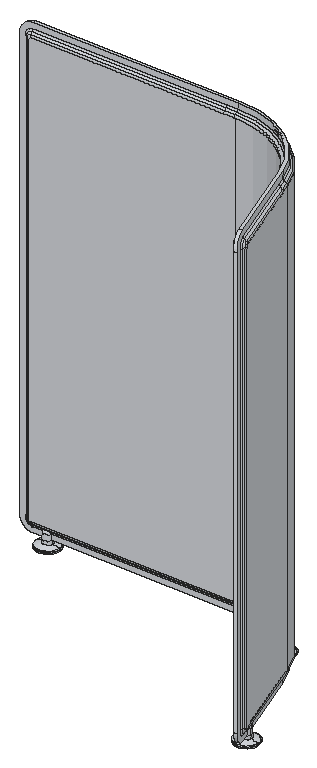
Revit family "Keilhauer_Pact_Accessories_Screen_77500", category Furniture, Revit 2017
Family settings
  OmniClass Number = 23.40.70.14.64.11
  OmniClass Title = Office Furniture
  Work Plane-Based = No
  Always vertical = Yes
  Cut with Voids When Loaded = No
  Shared = No
  Room Calculation Point = No
Parameters (values of type "Pact Screen")
  Shelves [instance] = none
  Shelf = no
  Body [instance] = none
  Glides [instance] = none
  URL = "http://www.keilhauer.com/"
  Product Documentation Link = "http://www.keilhauer.com/"
  Model = "77500"
  Manufacturer = "Keilhauer, Corp."  # constant formula
  Description = "Pact Screen"
  Copyright © = "© 2021 Keilhauer, Corp."  # constant formula
  Catalog = "Pact"  # constant formula
  Authoring Version = "Autodesk Revit 2015"  # constant formula
  Assembly Code = "E2020200"
Types (2): name | Shelf | Model | Description
  Pact Screen with shelves | yes | "77501" | "Pact Screen with shelves"
  Pact Screen | no | "77500" | "Pact Screen"
Reference planes (in)
  plane 1 "Center (Front/Back)": y = 0
  plane 2: z = 0
  plane 3 "Center (Left/Right)": x = 0
  plane 4: y = 8.88294
Forms (in)
  Sweep 1, solid, material <- "Body"
    path origin (0, 8.72544, 0) x (-1, 0, 0) y (0, 0, 1)
      loop
        line (-4.17684, 46.83626) -> (15.82316, 46.83626)
        arc (15.82316, 46.83626) -> (15.96458, 46.77768) -> (16.02316, 46.63626) r 0.2
        line (16.02316, 46.63626) -> (16.02316, 2.18626)
        arc (16.02316, 2.18626) -> (15.96458, 2.04484) -> (15.82316, 1.98626) r 0.2
        line (15.82316, 1.98626) -> (-4.67684, 1.98626)
    profile origin (-5.57316, 8.72544, 1.98626) x (0, 0, -1) y (0, 1, 0)
      loop
        line (1.18, 0) -> (1.18, 0.315) -> (0.61168, 0.315)
        arc (0.61168, 0.315) -> (0.48448, 0.34253) -> (0.38004, 0.4202) r 0.30763
        arc (0.38004, 0.4202) -> (0.27846, 0.53115) -> (0.17187, 0.6373) r 3.25782
        arc (0.17187, 0.6373) -> (0.0795, 0.69401) -> (-0.02795, 0.7082) r 0.26043
        line (-0.02795, 0.7082) -> (-0.02795, -0.3932)
        arc (-0.02795, -0.3932) -> (0.0795, -0.37901) -> (0.17187, -0.3223) r 0.26043
        arc (0.17187, -0.3223) -> (0.27846, -0.21615) -> (0.38004, -0.1052) r 3.25782
        arc (0.38004, -0.1052) -> (0.48448, -0.02753) -> (0.61168, 0) r 0.30763
        line (0.61168, 0) -> (1.18, 0)
  Sweep 2, solid, material <- "Body"
    path origin (12.94753, 7.40378, 0) x (0.34202, -0.939693, 0) y (0, 0, -1)
      loop
        line (6.07316, -46.83626) -> (15.82316, -46.83626)
        arc (15.82316, -46.83626) -> (15.96458, -46.77768) -> (16.02316, -46.63626) r 0.2
        line (16.02316, -46.63626) -> (16.02316, -2.18626)
        arc (16.02316, -2.18626) -> (15.96458, -2.04484) -> (15.82316, -1.98626) r 0.2
        line (15.82316, -1.98626) -> (6.07316, -1.98626)
    profile origin (16.69202, -2.88413, 1.98626) x (0, 0, 1) y (0.939693, 0.34202, 0)
      loop
        line (-1.18, 0) -> (-0.61168, 0)
        arc (-0.61168, 0) -> (-0.48448, -0.02753) -> (-0.38004, -0.1052) r 0.30763
        arc (-0.38004, -0.1052) -> (-0.27846, -0.21615) -> (-0.17187, -0.3223) r 3.25782
        arc (-0.17187, -0.3223) -> (-0.0795, -0.37901) -> (0.02795, -0.3932) r 0.26043
        line (0.02795, -0.3932) -> (0.02795, 0.7082)
        arc (0.02795, 0.7082) -> (-0.0795, 0.69401) -> (-0.17187, 0.6373) r 0.26043
        arc (-0.17187, 0.6373) -> (-0.27846, 0.53115) -> (-0.38004, 0.4202) r 3.25782
        arc (-0.38004, 0.4202) -> (-0.48448, 0.34253) -> (-0.61168, 0.315) r 0.30763
        line (-0.61168, 0.315) -> (-1.18, 0.315) -> (-1.18, 0)
  Sweep 3, solid, material <- "Body"
    path origin (15.02468, 1.69687, 48.01626) x (0.34202, -0.939693, 0) y (0.939693, 0.34202, 0)
      loop
        line (-10.5329, -8.38876) -> (-9.93437, -6.74429)
        arc (-9.93437, -6.74429) -> (-6.18168, -1.85369) -> (-0.30252, 0) r 10.25
        line (-0.30252, 0) -> (0.69748, 0)
    profile origin (15.09222, 1.5113, 48.01626) x (0.939693, 0.34202, 0) y (0, 0, 1)
      loop
        line (0.315, 0) -> (0, 0) -> (0, -0.56832)
        arc (0, -0.56832) -> (-0.02753, -0.69552) -> (-0.1052, -0.79996) r 0.30763
        arc (-0.1052, -0.79996) -> (-0.21615, -0.90154) -> (-0.3223, -1.00813) r 3.25782
        arc (-0.3223, -1.00813) -> (-0.37901, -1.1005) -> (-0.3932, -1.20795) r 0.26043
        line (-0.3932, -1.20795) -> (0.7082, -1.20795)
        arc (0.7082, -1.20795) -> (0.69401, -1.1005) -> (0.6373, -1.00813) r 0.26043
        arc (0.6373, -1.00813) -> (0.53115, -0.90154) -> (0.4202, -0.79996) r 3.25782
        arc (0.4202, -0.79996) -> (0.34253, -0.69552) -> (0.315, -0.56832) r 0.30763
        line (0.315, -0.56832) -> (0.315, 0)
  Sweep 4, solid, material <- "Body"
    path origin (18.35937, -7.46513, 0.80626) x (0.939693, 0.34202, 0) y (-0.34202, 0.939693, 0)
      loop
        line (0, 9.30252) -> (0, 10.05252)
        arc (0, 10.05252) -> (-1.85369, 15.93168) -> (-6.74429, 19.68437) r 10.25
        line (-6.74429, 19.68437) -> (-7.68399, 20.02639)
    profile origin (4.78936, 8.72544, 0.80626) x (0, -1, 0) y (0, 0, 1)
      loop
        line (0, 0) -> (0, 0.56832)
        arc (0, 0.56832) -> (0.02753, 0.69552) -> (0.1052, 0.79996) r 0.30763
        arc (0.1052, 0.79996) -> (0.21615, 0.90154) -> (0.3223, 1.00813) r 3.25782
        arc (0.3223, 1.00813) -> (0.37901, 1.1005) -> (0.3932, 1.20795) r 0.26043
        line (0.3932, 1.20795) -> (-0.7082, 1.20795)
        arc (-0.7082, 1.20795) -> (-0.69401, 1.1005) -> (-0.6373, 1.00813) r 0.26043
        arc (-0.6373, 1.00813) -> (-0.53115, 0.90154) -> (-0.4202, 0.79996) r 3.25782
        arc (-0.4202, 0.79996) -> (-0.34253, 0.69552) -> (-0.315, 0.56832) r 0.30763
        line (-0.315, 0.56832) -> (-0.315, 0) -> (0, 0)
  Extrusion 5, solid, material <- "Body"
    sketch origin (-15.82316, 8.33224, 47.24409) x (-1, 0, 0) y (0, 0, 1)
      loop
        arc (0.17205, -0.60784) -> (0.12165, -0.48618) -> (0, -0.43579) r 0.17205
        line (0, -0.43579) -> (-20, -0.43579) -> (-20, -45.22988) -> (0, -45.22988)
        arc (0, -45.22988) -> (0.12165, -45.17949) -> (0.17205, -45.05784) r 0.17205
        line (0.17205, -45.05784) -> (0.17205, -0.60784)
    from 0 to 1.1014
  Extrusion 6, solid, material <- "Body"
    sketch origin (15.84321, 1.5186, 2.01421) x (-0.34202, 0.939693, 0) y (-0.939693, -0.34202, 0)
      loop
        line (-0.45738, 0) -> (0.75, 0)
        arc (0.75, 0) -> (7.03537, 1.98177) -> (11.04734, 7.21028) r 10.9582
        line (11.04734, 7.21028) -> (11.59886, 8.72555) -> (10.56387, 9.10225) -> (10.01236, 7.58698)
        arc (10.01236, 7.58698) -> (6.40363, 2.88399) -> (0.75, 1.1014) r 9.8568
        line (0.75, 1.1014) -> (-0.45738, 1.1014) -> (-0.45738, 0)
    from 0 to 44.79409
  Extrusion 7, solid, material <- "Body"
    sketch origin (14.55172, 1.84667, 2.01421) x (0.34202, -0.939693, 0) y (0, 0, 1)
      loop
        line (0.30252, 44.79409) -> (0.30252, 0) -> (10.05252, 0)
        arc (10.05252, 0) -> (10.17417, 0.05039) -> (10.22456, 0.17205) r 0.17205
        line (10.22456, 0.17205) -> (10.22456, 44.62205)
        arc (10.22456, 44.62205) -> (10.17417, 44.7437) -> (10.05252, 44.79409) r 0.17205
        line (10.05252, 44.79409) -> (0.30252, 44.79409)
    from 0 to -1.1014
  Extrusion 8, solid, material <- "Shelves", visible <- "Shelf"
    sketch origin (0, 0, 4.00926) x (-1, 0, 0) y (0, -1, 0)
      loop
        line (15.10905, -7.3958) -> (-4.41115, -1.22415)
        arc (-4.41115, -1.22415) -> (-6.44621, -0.38332) -> (-8.3083, 0.79186) r 12.87957
        line (-8.3083, 0.79186) -> (-17.01116, 7.38811)
        arc (-17.01116, 7.38811) -> (-17.35229, 7.53201) -> (-17.7207, 7.49517) r 0.75
        line (-17.7207, 7.49517) -> (-17.92483, 7.42087) -> (-14.55172, -1.84667)
        arc (-14.55172, -1.84667) -> (-10.94298, -6.54966) -> (-5.28936, -8.33224) r 9.8568
        line (-5.28936, -8.33224) -> (15.63295, -8.33224) -> (15.63295, -8.11091)
        arc (15.63295, -8.11091) -> (15.48796, -7.66767) -> (15.10905, -7.3958) r 0.75
    from 0 to 0.5
  Extrusion 9, solid, material <- "Shelves", visible <- "Shelf"
    sketch origin (-15.63295, -60, 22.50926) x (-1, 0, 0) y (0, -1, 0)
      loop
        line (-0.52391, -67.3958) -> (-20.0441, -61.22415)
        arc (-20.0441, -61.22415) -> (-22.07916, -60.38332) -> (-23.94125, -59.20814) r 12.87957
        line (-23.94125, -59.20814) -> (-32.64411, -52.61189)
        arc (-32.64411, -52.61189) -> (-32.98525, -52.46799) -> (-33.35365, -52.50483) r 0.75
        line (-33.35365, -52.50483) -> (-33.55778, -52.57913) -> (-30.18467, -61.84667)
        arc (-30.18467, -61.84667) -> (-26.57594, -66.54966) -> (-20.92231, -68.33224) r 9.8568
        line (-20.92231, -68.33224) -> (0, -68.33224) -> (0, -68.11091)
        arc (0, -68.11091) -> (-0.14499, -67.66767) -> (-0.52391, -67.3958) r 0.75
    from 0 to 0.5
  Revolve 10, solid, material <- "Glides"
    sketch origin (-17.20316, 8.88294, 47.24409) x (-1, 0, 0) y (0, 0, 1)
      loop
        arc (-2.75, -45.46371) -> (-2.85348, -45.48494) -> (-2.95359, -45.51866) r 0.8634
        arc (-2.95359, -45.51866) -> (-3.13252, -45.66278) -> (-3.20233, -45.88166) r 0.39906
        line (-3.20233, -45.88166) -> (-3.21224, -46.47311) -> (-3.23697, -46.49784) -> (-3.2421, -46.80359)
        arc (-3.2421, -46.80359) -> (-3.24933, -46.82507) -> (-3.26764, -46.83842) r 0.03737
        line (-3.26764, -46.83842) -> (-3.93913, -47.06225)
        arc (-3.93913, -47.06225) -> (-3.95934, -47.07711) -> (-3.96705, -47.10098) r 0.04083
        line (-3.96705, -47.10098) -> (-3.96705, -47.20904)
        arc (-3.96705, -47.20904) -> (-3.95678, -47.23383) -> (-3.93199, -47.24409) r 0.03506
        line (-3.93199, -47.24409) -> (-2.75, -47.24409) -> (-2.75, -45.46371)
      axis (-2.75, -45.46371) -> (-2.75, -47.24409)
    angle from 0 to 360
  Revolve 11, solid, material <- "Glides"
    sketch origin (15.29001, -6.11923, 47.24409) x (-1, 0, 0) y (0, 0, 1)
      loop
        arc (-2.75, -45.46371) -> (-2.85348, -45.48494) -> (-2.95359, -45.51866) r 0.8634
        arc (-2.95359, -45.51866) -> (-3.13252, -45.66278) -> (-3.20233, -45.88166) r 0.39906
        line (-3.20233, -45.88166) -> (-3.21224, -46.47311) -> (-3.23697, -46.49784) -> (-3.2421, -46.80359)
        arc (-3.2421, -46.80359) -> (-3.24933, -46.82507) -> (-3.26764, -46.83842) r 0.03737
        line (-3.26764, -46.83842) -> (-3.93913, -47.06225)
        arc (-3.93913, -47.06225) -> (-3.95934, -47.07711) -> (-3.96705, -47.10098) r 0.04083
        line (-3.96705, -47.10098) -> (-3.96705, -47.20904)
        arc (-3.96705, -47.20904) -> (-3.95678, -47.23383) -> (-3.93199, -47.24409) r 0.03506
        line (-3.93199, -47.24409) -> (-2.75, -47.24409) -> (-2.75, -45.46371)
      axis (-2.75, -45.46371) -> (-2.75, -47.24409)
    angle from 0 to 360
  Revolve 12, solid, material <- "Glides"
    sketch origin (8.50969, 7.00609, 47.24409) x (-1, 0, 0) y (0, 0, 1)
      loop
        arc (-2.75, -45.46371) -> (-2.85348, -45.48494) -> (-2.95359, -45.51866) r 0.8634
        arc (-2.95359, -45.51866) -> (-3.13252, -45.66278) -> (-3.20233, -45.88166) r 0.39906
        line (-3.20233, -45.88166) -> (-3.21224, -46.47311) -> (-3.23697, -46.49784) -> (-3.2421, -46.80359)
        arc (-3.2421, -46.80359) -> (-3.24933, -46.82507) -> (-3.26764, -46.83842) r 0.03737
        line (-3.26764, -46.83842) -> (-3.93913, -47.06225)
        arc (-3.93913, -47.06225) -> (-3.95934, -47.07711) -> (-3.96705, -47.10098) r 0.04083
        line (-3.96705, -47.10098) -> (-3.96705, -47.20904)
        arc (-3.96705, -47.20904) -> (-3.95678, -47.23383) -> (-3.93199, -47.24409) r 0.03506
        line (-3.93199, -47.24409) -> (-2.75, -47.24409) -> (-2.75, -45.46371)
      axis (-2.75, -45.46371) -> (-2.75, -47.24409)
    angle from 0 to 360
Cuts and joins
  joined: Sweep 1, Sweep 2, Sweep 3, Sweep 4, Extrusion 5, Extrusion 6, Extrusion 7
Lines and regions (in)
  Masking region 1
    outline origin (0, 0, 0) x (1, 0, 0) y (0, 1, 0)
      loop
        line (5.28936, 9.43364) -> (-13.36803, 9.43364)
        arc (-13.36803, 9.43364) -> (-14.4542, 10.10074) -> (-15.54038, 9.43364) r 1.2178
        line (-15.54038, 9.43364) -> (-15.99521, 9.43364)
        arc (-15.99521, 9.43364) -> (-16.13478, 9.40188) -> (-16.24687, 9.31284) r 0.32253
        arc (-16.24687, 9.31284) -> (-16.3318, 9.2152) -> (-16.4243, 9.1247) r 1.60952
        arc (-16.4243, 9.1247) -> (-16.5255, 9.06244) -> (-16.64227, 9.04044) r 0.32702
        line (-16.64227, 9.04044) -> (-17.20316, 9.04044) -> (-17.20316, 8.72544) -> (-16.64227, 8.72544)
        arc (-16.64227, 8.72544) -> (-16.5255, 8.70345) -> (-16.4243, 8.64118) r 0.32702
        arc (-16.4243, 8.64118) -> (-16.3318, 8.55068) -> (-16.24687, 8.45305) r 1.60952
        arc (-16.24687, 8.45305) -> (-16.13478, 8.36401) -> (-15.99521, 8.33224) r 0.32253
        line (-15.99521, 8.33224) -> (-15.54038, 8.33224)
        arc (-15.54038, 8.33224) -> (-14.4542, 7.66514) -> (-13.36803, 8.33224) r 1.2178
        line (-13.36803, 8.33224) -> (5.28936, 8.33224)
        arc (5.28936, 8.33224) -> (7.74491, 8.02148) -> (10.04562, 7.10878) r 9.8568
        arc (10.04562, 7.10878) -> (10.55923, 6.00866) -> (11.76876, 5.90335) r 1.21415
        arc (11.76876, 5.90335) -> (13.41739, 4.05142) -> (14.55172, 1.84667) r 9.8568
        line (14.55172, 1.84667) -> (17.15082, -5.29432)
        arc (17.15082, -5.29432) -> (16.89084, -6.54821) -> (17.89599, -7.34164) r 1.21801
        line (17.89599, -7.34164) -> (18.04873, -7.76128)
        arc (18.04873, -7.76128) -> (18.128, -7.88264) -> (18.25284, -7.9563) r 0.3185
        arc (18.25284, -7.9563) -> (18.37629, -8.00294) -> (18.49355, -8.06351) r 1.14314
        arc (18.49355, -8.06351) -> (18.57633, -8.13156) -> (18.63466, -8.22147) r 0.35023
        line (18.63466, -8.22147) -> (18.83136, -8.76191) -> (19.12736, -8.65417) -> (18.93066, -8.11373)
        arc (18.93066, -8.11373) -> (18.91755, -8.00737) -> (18.93721, -7.90203) r 0.35023
        arc (18.93721, -7.90203) -> (18.98811, -7.78026) -> (19.0527, -7.66517) r 1.14314
        arc (19.0527, -7.66517) -> (19.10099, -7.5285) -> (19.08371, -7.38458) r 0.3185
        line (19.08371, -7.38458) -> (18.92894, -6.95936)
        arc (18.92894, -6.95936) -> (19.17996, -5.71504) -> (18.18783, -4.92319) r 1.21801
        line (18.18783, -4.92319) -> (15.5867, 2.22337)
        arc (15.5867, 2.22337) -> (14.30853, 4.69932) -> (12.44722, 6.77286) r 10.9582
        arc (12.44722, 6.77286) -> (11.95116, 7.99841) -> (10.62981, 8.04423) r 1.21415
        arc (10.62981, 8.04423) -> (8.04848, 9.0806) -> (5.28936, 9.43364) r 10.9582
  Masking region 2, visible <- "Shelf"
    outline origin (0, 0, 4.00926) x (-1, 0, 0) y (0, -1, 0)
      loop
        line (15.10905, -7.3958) -> (-4.41115, -1.22415)
        arc (-4.41115, -1.22415) -> (-6.44621, -0.38332) -> (-8.3083, 0.79186) r 12.87957
        line (-8.3083, 0.79186) -> (-17.01116, 7.38811)
        arc (-17.01116, 7.38811) -> (-17.35229, 7.53201) -> (-17.7207, 7.49517) r 0.75
        line (-17.7207, 7.49517) -> (-17.92408, 7.42115) -> (-14.54841, -1.85342)
        arc (-14.54841, -1.85342) -> (-10.93969, -6.5517) -> (-5.28936, -8.33224) r 9.85559
        line (-5.28936, -8.33224) -> (15.63295, -8.33224) -> (15.63295, -8.11091)
        arc (15.63295, -8.11091) -> (15.48796, -7.66767) -> (15.10905, -7.3958) r 0.75
Dimensions and locks (in)
  aligned and locked: nested 1 to plane 3 "Center (Left/Right)"
  aligned and locked: plane 1 "Center (Front/Back)" to nested 1
Nested families (in)
  nested 1: "Furniture_Tag" at (0, 0, 0), type "Center", detail levels fine
    with Offset (LR) 0.000"
Definition of nested family "Furniture_Tag"
  Parameters
    P_Width = 0.000"
    Text_Width = "Empty"
    Text_Height = "Empty"
    Text_Diameter = "Empty"
    Text_Depth = "Empty"
    Offset (LR) [instance] = 0.000"
    Model Name = "Type Catalog"
    P_Height = 0.000"
    Distance of Center (not Change) = 0.000"
    P_Diameter = 0.000"
    P_Depth = 0.000"
  Reference planes (in)
    plane 1: y = 0
    plane 2: x = 0
  Lines and regions (in)
    reference lines
      curve 1: line (-0.44359, 0, 0) -> (0.41085, 0, 0)
      curve 3: line (0, 0.32564, 0) -> (0, -0.40221, 0)
    reference lines, not visible
      curve 2: line (-0.44359, 0.09843, 0) -> (0.41085, 0.09843, 0)
      curve 4: line (0, 0.42407, 0) -> (0, -0.30379, 0)
  Text (in)
    label "Empty" at (0.00197, -0.0079, 0), shows "Model Name"
    label "Empty" at (0.00197, 0.09052, 0), shows "Model Name", not visible
  Dimensions and locks (in)
    "Distance of Center (not Change)": plane 1 to curve 1
    "Offset (LR)": curve 3 to plane 2
  Automatic sketch dimensions
    curve 1 to curve 3 = 0.44359"
    curve 3 to curve 1 = 0.41085"
    curve 3 to curve 1 = 0.40221"
    curve 1 to curve 3 = 0.32564"
    curve 2 to curve 4 = 0.44359"
    curve 4 to curve 2 = 0.41085"
    curve 4 to curve 2 = 0.40221"
    curve 2 to curve 4 = 0.32564"
